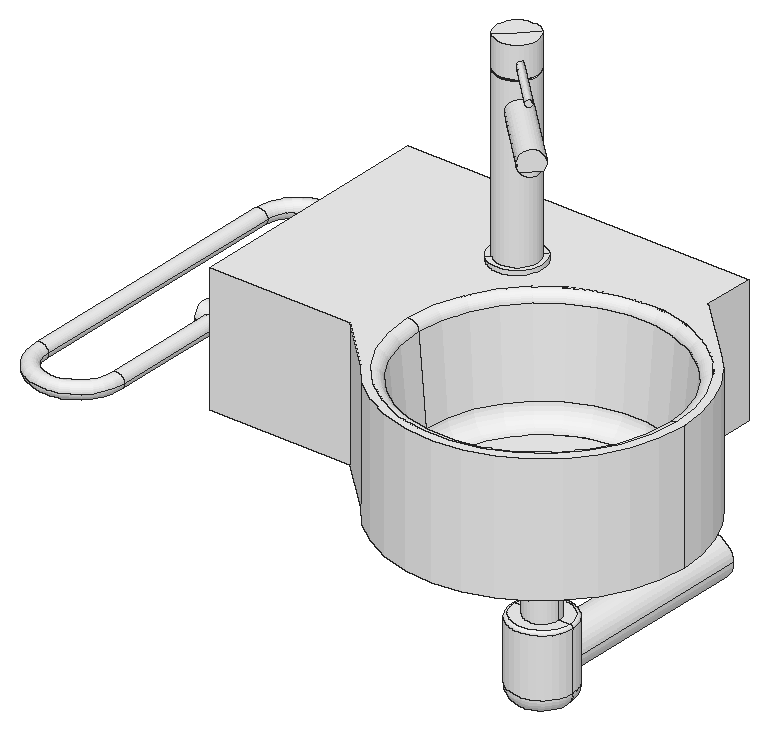
Revit family
Parameters
  Vis - Trap = yes
  Vis - Towel Rail = yes
  Tap Height = 200 mm
  Sink Height = 125 mm
  Material Taps and Fittings = Metal - Chrome Polished
  Material Sink = Porcelain
  Manufacturer = "Revit"
  Assembly Code = ""
Reference planes
  plane 1 "Center (Front/Back)": y = 10
  plane 2: z = 0
  plane 3 "Center (Left/Right)": x = 24.85
  plane 4: y = -200
Forms (mm)
  Revolve 1, solid, material "Porcelain" <- "Material Sink"
    sketch origin (-373.715, -200, 4000) x (-1, 0, 0) y (0, 0, 1)
      loop
        line (-381.565, -4000) -> (-258.565, -4000) -> (-258.565, -3875) -> (-266.589, -3875)
        arc (-266.589, -3875) -> (-273.345, -3877.627) -> (-276.551, -3884.128) r 10
        line (-276.551, -3884.128) -> (-283.779, -3966.743)
        arc (-283.779, -3966.743) -> (-290.191, -3979.746) -> (-303.703, -3985) r 20
        line (-303.703, -3985) -> (-376.565, -3985) -> (-376.565, -3986.535) -> (-381.565, -3986.535) -> (-381.565, -4000)
      axis (-398.565, -4000) -> (-398.565, -3875)
    angle from 0 to 360
  Revolve 2, solid, material "Metal - Chrome Polished" <- "Material Taps and Fittings"
    sketch origin (-373.715, -200, 4000) x (-1, 0, 0) y (0, 0, 1)
      loop
        line (-384.827, -3985) -> (-384.827, -3996.275) -> (-398.565, -3996.275) -> (-398.565, -4000) -> (-381.565, -4000) -> (-381.565, -3986.535) -> (-376.565, -3986.535) -> (-376.565, -3985) -> (-384.827, -3985)
      axis (-398.565, -4000) -> (-398.565, -3985)
    angle from 0 to 360
  Extrusion 3, solid, material "Porcelain" <- "Material Sink"
    sketch origin (0, 0, 0) x (1, 0, 0) y (0, 1, 0)
      loop
        line (116.774, -94.406) -> (59.85, -39.415) -> (59.85, 10) -> (-275.15, 10) -> (-275.15, -235) -> (-137.215, -235) -> (-88.758, -281.812)
        arc (-88.758, -281.812) -> (-69.478, -96.548) -> (116.774, -94.406) r 140
    from 0 to 125
  Revolve 4, solid, material "Metal - Chrome Polished" <- "Material Taps and Fittings"
    sketch origin (-373.715, -200, 4000) x (-1, 0, 0) y (0, 0, 1)
      loop
        line (-398.565, -4000) -> (-398.565, -4165) -> (-383.565, -4165)
        arc (-383.565, -4165) -> (-372.959, -4160.607) -> (-368.565, -4150) r 15
        line (-368.565, -4150) -> (-368.565, -4093)
        arc (-368.565, -4093) -> (-369.444, -4090.879) -> (-371.565, -4090) r 3
        line (-371.565, -4090) -> (-382.413, -4090) -> (-382.413, -4000) -> (-398.565, -4000)
      axis (-398.565, -4165) -> (-398.565, -4000)
    angle from 0 to 360
  Extrusion 5, solid, material "Metal - Chrome Polished" <- "Material Taps and Fittings"
    sketch origin (-373.715, -200, 4000) x (-1, 0, 0) y (0, 0, 1)
      loop
        circle (-398.565, -4130.282) r 20
    from 0 to 210
  Sweep 6, solid, material "Metal - Chrome Polished" <- "Material Taps and Fittings", visible <- "Vis - Towel Rail"
    path origin (0, 0, 0) x (1, 0, 0) y (0, 1, 0)
      loop
        line (-291.577, -73.426) -> (-291.577, -58.426)
        arc (-291.577, -58.426) -> (-329.077, -20.926) -> (-366.577, -58.426) r 37.5
        line (-366.577, -58.426) -> (-366.577, -328.426)
        arc (-366.577, -328.426) -> (-329.077, -365.926) -> (-291.577, -328.426) r 37.5
        line (-291.577, -328.426) -> (-291.577, -203.426)
    profile origin (-291.577, -265.926, 0) x (-1, 0, 0) y (0, 0, 1)
      loop
        circle (0, 60.845) r 7.5
  Extrusion 7, solid, material "Metal - Chrome Polished" <- "Material Taps and Fittings", visible <- "Vis - Towel Rail"
    sketch origin (-275.15, 10, 0) x (0, -1, 0) y (0, 0, 1)
      loop
        circle (213.426, 60.845) r 12
      loop
        circle (83.426, 60.845) r 12
    from 0 to 30
Cuts and joins
  joined: Revolve 1, Extrusion 3
  joined: Revolve 4, Extrusion 5
  joined: Sweep 6, Extrusion 7
Lines and regions (mm)
  symbolic lines
    curve 1: arc (-71.169, -119.966, 0) -> (112.934, -288.692, 0) -> (-54.521, -103.433, 0) r 125
    curve 2: line (59.85, 10, 0) -> (-275.15, 10, 0)
    curve 3: line (-275.15, 10, 0) -> (-275.15, -235, 0)
    curve 4: line (-275.15, -235, 0) -> (-137.215, -235, 0)
    curve 5: line (-137.215, -235, 0) -> (-88.758, -281.812, 0)
    curve 6: line (59.85, -39.415, 0) -> (59.85, 10, 0)
    curve 7: line (116.774, -94.406, 0) -> (59.85, -39.415, 0)
    curve 8: arc (164.85, -200, 0) -> (152.265, -141.989, 0) -> (116.774, -94.406, 0) r 140
    curve 9: arc (-88.758, -281.812, 0) -> (67.831, -333.239, 0) -> (164.85, -200, 0) r 140
Dimensions and locks
  locked: plane 3 "Center (Left/Right)" to Revolve 1 sketch curve at 140
  "Sink Height": Revolve 1 sketch curve to level
  locked: plane 1 "Center (Front/Back)" to plane 4 at 210
  radius of Revolve 1 sketch curve = 10 mm
  aligned and locked: Revolve 1 to Extrusion 3
  aligned and locked: nested 1 to cut or joined group of Revolve 1, Extrusion 3
  aligned and locked: Extrusion 5 to plane 1 "Center (Front/Back)"
  aligned and locked: curve 2 to cut or joined group of Revolve 1, Extrusion 3
  aligned and locked: curve 3 to cut or joined group of Revolve 1, Extrusion 3
  aligned and locked: curve 4 to cut or joined group of Revolve 1, Extrusion 3
  aligned and locked: curve 5 to cut or joined group of Revolve 1, Extrusion 3
  aligned and locked: curve 6 to cut or joined group of Revolve 1, Extrusion 3
  aligned and locked: curve 7 to cut or joined group of Revolve 1, Extrusion 3
  aligned and locked: curve 8 to cut or joined group of Revolve 1, Extrusion 3
  aligned and locked: curve 9 to cut or joined group of Revolve 1, Extrusion 3
Automatic sketch dimensions
  Revolve 1 sketch curve to plane 3 "Center (Left/Right)" = 0 mm
  Revolve 1 sketch curve to level = 0 mm
  Revolve 1 sketch curve to plane 3 "Center (Left/Right)" = 17 mm
  Revolve 1 sketch curve to Revolve 1 sketch curve = 5 mm
  level to Revolve 1 sketch curve = 15 mm
  Revolve 1 sketch curve to Revolve 1 sketch curve = 45.138 mm
  level to Revolve 1 sketch curve = 33.257 mm
  Revolve 1 sketch curve to Revolve 1 sketch curve = 19.924 mm
  Revolve 1 sketch curve to Revolve 1 sketch curve = 8.024 mm
  Revolve 1 sketch curve to level = 50 mm
  Revolve 1 sketch curve to Revolve 1 sketch curve = 1.535 mm
  Revolve 1 sketch curve to Revolve 1 sketch curve = 41.535 mm
  Revolve 1 sketch curve to Revolve 1 sketch curve = 0.872 mm
  Revolve 2 sketch curve to level = 0 mm
  Revolve 2 sketch curve to plane 3 "Center (Left/Right)" = 0 mm  (x2)
  level to Revolve 2 sketch curve = 3.725 mm
  Revolve 2 sketch curve to Revolve 2 sketch curve = 13.738 mm
  Revolve 2 sketch curve to Revolve 2 sketch curve = 3.262 mm
  Revolve 2 sketch curve to Revolve 2 sketch curve = 5 mm
  Revolve 2 sketch curve to level = 6.992 mm
  Revolve 2 sketch curve to Revolve 2 sketch curve = 9.74 mm
  Revolve 2 sketch curve to Revolve 2 sketch curve = 1.535 mm
  Revolve 2 sketch curve to Revolve 2 sketch curve = 12.012 mm
  Revolve 4 sketch curve to plane 3 "Center (Left/Right)" = 0 mm  (x2)
  Revolve 4 sketch curve to level = 0 mm
  Revolve 4 sketch curve to Revolve 4 sketch curve = 15 mm  (x2)
  Revolve 4 sketch curve to plane 3 "Center (Left/Right)" = 16.152 mm
  Revolve 4 sketch curve to Revolve 4 sketch curve = 10.848 mm
  Revolve 4 sketch curve to level = 90 mm
  Revolve 4 sketch curve to Revolve 4 sketch curve = 57 mm
  Revolve 4 sketch curve to Revolve 4 sketch curve = 20 mm
  Revolve 4 sketch curve to Revolve 4 sketch curve = 50 mm
  Extrusion 5 sketch curve to plane 3 "Center (Left/Right)" = 0 mm
  Extrusion 5 sketch curve to level = 130.282 mm
  Extrusion 3 sketch curve to plane 1 "Center (Front/Back)" = 0 mm
  Extrusion 3 sketch curve to plane 3 "Center (Left/Right)" = 0 mm
  Extrusion 3 sketch curve to plane 4 = 0 mm
  Extrusion 3 sketch curve to plane 3 "Center (Left/Right)" = 113.608 mm
  Extrusion 3 sketch curve to Extrusion 3 sketch curve = 48.457 mm
  Extrusion 3 sketch curve to plane 4 = 35 mm
  Extrusion 3 sketch curve to Extrusion 3 sketch curve = 137.935 mm
  plane 3 "Center (Left/Right)" to Extrusion 3 sketch curve = 35 mm
  Extrusion 3 sketch curve to Extrusion 3 sketch curve = 56.924 mm
  Extrusion 3 sketch curve to Extrusion 3 sketch curve = 46.812 mm
  plane 1 "Center (Front/Back)" to Extrusion 3 sketch curve = 49.415 mm
  Sweep 6 sketch curve to plane 4 = 128.426 mm
  Sweep 6 sketch curve to plane 3 "Center (Left/Right)" = 391.426 mm
  Sweep 6 sketch curve to Sweep 6 sketch curve = 37.5 mm  (x2)
  plane 1 "Center (Front/Back)" to Sweep 6 sketch curve = 68.426 mm
  Sweep 6 sketch curve to plane 4 = 3.426 mm
  Sweep 6 sketch curve to Sweep 6 sketch curve = 15 mm
  Sweep 6 sketch curve to profile plane = 0 mm
  level to Sweep 6 sketch curve = 60.845 mm
  Extrusion 3 to Extrusion 7 sketch curve = 83.426 mm
  Extrusion 7 sketch curve to Extrusion 3 = 31.574 mm
  Extrusion 3 to Extrusion 7 sketch curve = 60.845 mm  (x2)
  curve 1 to plane 3 "Center (Left/Right)" = 0 mm
  curve 1 to plane 4 = 0 mm
  plane 4 to curve 1 = 80.034 mm
  curve 1 to curve 1 = 16.647 mm
  radius of Extrusion 5 sketch curve = 20 mm
  radius of Sweep 6 sketch curve = 7.5 mm
  radius of Extrusion 7 sketch curve = 12 mm  (x2)
  radius of curve 1 = 125 mm
Nested families
  nested 1: "UK_Mdrn Tap Style C" at (-98.894, -76.256, 125) x (0.7071, 0.7071, 0) z (0, 0, 1), type "UK_Mdrn Tap Style C"
    with Tap Height 200 mm, Spout Length 100 mm
Definition of nested family "UK_Mdrn Tap Style C"
  Parameters
    Tap Height = 350 mm
    Spout Length = 150 mm
    Material Tap = none
    Manufacturer = "Revit"
  Reference planes
    plane 1 "Center (Front/Back)": y = 0
    plane 2: z = 0
    plane 3 "Center (Left/Right)": x = 0
  Forms (mm)
    Revolve 1, solid, material <- "Material Tap"
      sketch origin (0, 0, 0) x (1, 0, 0) y (0, 0, 1)
        loop
          line (0, 0) -> (0, 350) -> (-20, 350) -> (-20, 320) -> (-18, 320) -> (-18, 318) -> (-20, 318) -> (-20, 4) -> (-25, 4) -> (-25, 0) -> (0, 0)
        axis (0, 0) -> (0, 350)
      angle from 0 to 360
    Extrusion 2, solid, material <- "Material Tap"
      sketch origin (0, 0, 0) x (1, 0, 0) y (0, 0, 1)
        loop
          circle (0, 333.268) r 3
      from 0 to 82.043
    Extrusion 3, solid, material <- "Material Tap"
      sketch origin (0, 0, 0) x (1, 0, 0) y (0, 0, 1)
        loop
          circle (0, 290.642) r 12
      from 0 to 150
    Extrusion 4, void
      sketch origin (0, 0, -1.47) x (0, -1, 0) y (0, 0, 1)
        loop
          line (150, 279.642) -> (150, 284.642) -> (125, 284.642) -> (125, 279.642) -> (150, 279.642)
      from -15.058 to 15.415
    Extrusion 5, solid, material <- "Material Tap"
      sketch origin (0, 0, 0) x (1, 0, 0) y (0, 1, 0)
        loop
          circle (0, -138.721) r 8
      from 277.072 to 283.172
  Cuts and joins
    Extrusion 4 cuts Revolve 1
    joined: Revolve 1, Extrusion 5
    Extrusion 4 cuts Extrusion 2
    Extrusion 4 cuts Extrusion 3
  Dimensions and locks
    "Tap Height": Revolve 1 sketch curve to level
    locked: Extrusion 4 sketch curve to Extrusion 4 sketch curve at 5
    locked: cut or joined group of Revolve 1, Extrusion 4, Extrusion 5 to Extrusion 5 at 6.1
    locked: cut or joined group of Revolve 1, Extrusion 4, Extrusion 5 to Extrusion 2 sketch curve at 16.732
    locked: cut or joined group of Revolve 1, Extrusion 4, Extrusion 5 to Extrusion 3 sketch curve at 59.358
    locked: cut or joined group of Revolve 1, Extrusion 4, Extrusion 5 to cut or joined group of Extrusion 3, Extrusion 4 at 66.828
    "Spout Length": cut or joined group of Extrusion 3, Extrusion 4 to plane 1 "Center (Front/Back)"
    locked: cut or joined group of Extrusion 3, Extrusion 4 to Extrusion 5 sketch curve at 11.279
    "Spout Length": Extrusion 4 sketch curve to plane 1 "Center (Front/Back)"
    aligned and locked: Extrusion 2 to plane 1 "Center (Front/Back)"
    aligned and locked: Extrusion 3 to plane 1 "Center (Front/Back)"
    aligned and locked: cut or joined group of Revolve 1, Extrusion 4, Extrusion 5 to Extrusion 5
  Automatic sketch dimensions
    Revolve 1 sketch curve to level = 0 mm
    Revolve 1 sketch curve to plane 3 "Center (Left/Right)" = 0 mm  (x2)
    Revolve 1 sketch curve to plane 3 "Center (Left/Right)" = 18 mm
    Revolve 1 sketch curve to Revolve 1 sketch curve = 2 mm  (x2)
    Revolve 1 sketch curve to Revolve 1 sketch curve = 0 mm
    Revolve 1 sketch curve to Revolve 1 sketch curve = 5 mm
    Revolve 1 sketch curve to level = 25 mm
    level to Revolve 1 sketch curve = 4 mm
    Revolve 1 sketch curve to Revolve 1 sketch curve = 32 mm
    Revolve 1 sketch curve to Revolve 1 sketch curve = 24 mm
    Extrusion 2 sketch curve to plane 3 "Center (Left/Right)" = 0 mm
    Extrusion 3 sketch curve to plane 3 "Center (Left/Right)" = 0 mm
    Extrusion 5 sketch curve to plane 3 "Center (Left/Right)" = 0 mm
    level to Extrusion 4 sketch curve = 278.172 mm
    Extrusion 4 sketch curve to Extrusion 4 sketch curve = 25 mm
    radius of Extrusion 2 sketch curve = 3 mm
    radius of Extrusion 3 sketch curve = 12 mm
    radius of Extrusion 5 sketch curve = 8 mm
